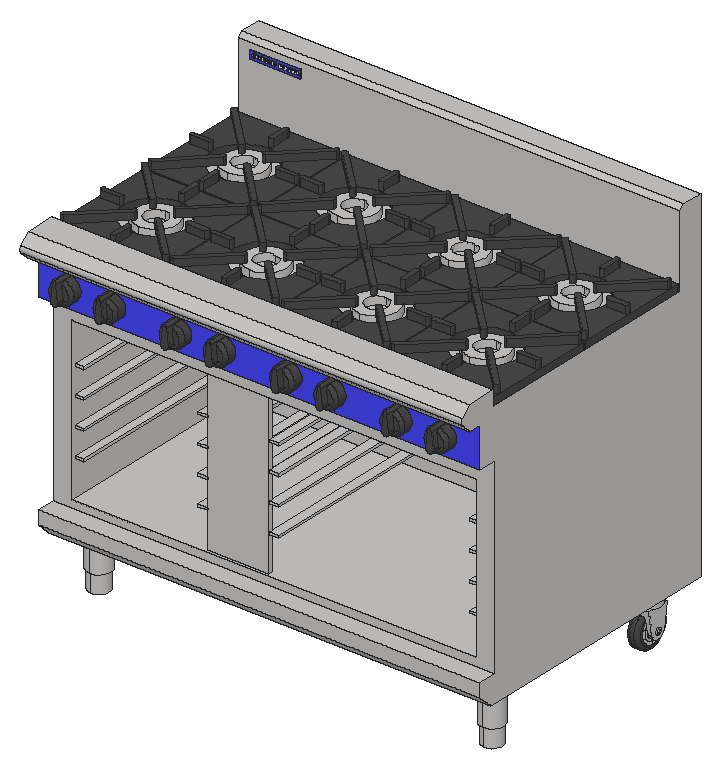
Revit family "QF_MOFFAT_BLUESEAL_CE_G518D-CB", category Specialty Equipment, Revit 2012 (continued)
Definition of nested family "GAS BURNER 1200"
  Automatic sketch dimensions
    plane 1 "BACK" to Extrusion 4 sketch curve = 0.0 mm
    plane 5 "FRONT" to Extrusion 4 sketch curve = 0.0 mm
    Extrusion 4 sketch curve to plane 7 "Center Y" = 1.0 mm  (x2)
    plane 1 "BACK" to Extrusion 4 sketch curve = 3.0 mm  (x2)
    plane 8 "Center X" to Extrusion 4 sketch curve = 149.0 mm
    plane 8 "Center X" to Extrusion 4 sketch curve = 2.0 mm  (x2)
    Extrusion 4 sketch curve to plane 8 "Center X" = 1.0 mm
    Extrusion 4 sketch curve to Extrusion 4 sketch curve = 3.0 mm  (x3)
    Extrusion 4 sketch curve to plane 8 "Center X" = 151.0 mm
    Extrusion 4 sketch curve to plane 5 "FRONT" = 3.0 mm  (x2)
    Extrusion 4 sketch curve to plane 7 "Center Y" = 149.991 mm  (x2)
    Extrusion 4 sketch curve to Extrusion 4 sketch curve = 146.009 mm  (x2)
    Extrusion 5 sketch curve to Extrusion 4 = 22.602 mm  (x2)
    Extrusion 5 sketch curve to Extrusion 4 = 25.398 mm  (x2)
    Extrusion 5 sketch curve to Extrusion 5 sketch curve = 4.525 mm  (x16)
    Extrusion 5 sketch curve to Extrusion 5 sketch curve = 49.204 mm  (x4)
    Extrusion 5 sketch curve to Extrusion 5 sketch curve = 55.923 mm  (x5)
    Extrusion 5 sketch curve to Extrusion 5 sketch curve = 0.0 mm  (x6)
    Extrusion 5 sketch curve to Extrusion 5 sketch curve = 20.524 mm  (x7)
    Extrusion 5 sketch curve to Extrusion 5 sketch curve = 6.4 mm  (x8)
    Extrusion 5 sketch curve to Extrusion 5 sketch curve = 53.847 mm  (x8)
    Extrusion 5 sketch curve to Extrusion 4 = 56.602 mm
    Extrusion 5 sketch curve to Extrusion 4 = 5.102 mm  (x6)
    Extrusion 5 sketch curve to Extrusion 4 = 13.653 mm  (x2)
    Extrusion 5 sketch curve to Extrusion 4 = 7.398 mm  (x2)
    Extrusion 5 sketch curve to Extrusion 4 = 4.602 mm  (x2)
    Extrusion 5 sketch curve to Extrusion 4 = 7.898 mm  (x4)
    Extrusion 5 sketch curve to Extrusion 4 = 31.653 mm  (x2)
    Extrusion 5 sketch curve to Extrusion 4 = 57.102 mm  (x2)
    Extrusion 5 sketch curve to Extrusion 4 = 14.153 mm
    Extrusion 6 sketch curve to Extrusion 6 sketch curve = 0.0 mm  (x24)
    plane 1 "BACK" to Extrusion 6 sketch curve = 109.5 mm
    Extrusion 6 sketch curve to Extrusion 6 sketch curve = 27.0 mm  (x2)
    Extrusion 6 sketch curve to Extrusion 6 sketch curve = 30.0 mm  (x2)
    Extrusion 6 sketch curve to plane 8 "Center X" = 92.0 mm
    Extrusion 6 sketch curve to plane 7 "Center Y" = 150.0 mm  (x2)
    Extrusion 7 sketch curve to Extrusion 1 = 22.602 mm  (x2)
    Extrusion 7 sketch curve to Extrusion 1 = 25.398 mm  (x2)
    Extrusion 7 sketch curve to Extrusion 7 sketch curve = 4.525 mm  (x16)
    Extrusion 7 sketch curve to Extrusion 7 sketch curve = 49.204 mm  (x6)
    Extrusion 7 sketch curve to Extrusion 7 sketch curve = 55.923 mm  (x7)
    Extrusion 7 sketch curve to Extrusion 7 sketch curve = 0.0 mm  (x7)
    Extrusion 7 sketch curve to Extrusion 7 sketch curve = 20.524 mm  (x7)
    Extrusion 7 sketch curve to Extrusion 7 sketch curve = 6.4 mm  (x8)
    Extrusion 7 sketch curve to Extrusion 7 sketch curve = 53.847 mm  (x8)
    Extrusion 7 sketch curve to Extrusion 1 = 56.602 mm
    Extrusion 7 sketch curve to Extrusion 1 = 13.653 mm  (x2)
    Extrusion 7 sketch curve to Extrusion 1 = 7.398 mm  (x2)
    Extrusion 7 sketch curve to Extrusion 1 = 4.602 mm  (x2)
    Extrusion 7 sketch curve to Extrusion 1 = 31.653 mm  (x2)
    Extrusion 1 to Extrusion 7 sketch curve = 308.102 mm
    Extrusion 7 sketch curve to Extrusion 7 sketch curve = 9.051 mm  (x2)
    Extrusion 7 sketch curve to Extrusion 7 sketch curve = 2.796 mm  (x2)
    Extrusion 7 sketch curve to Extrusion 7 sketch curve = 128.447 mm  (x3)
    Extrusion 8 sketch curve to Extrusion 8 sketch curve = 0.0 mm  (x24)
    plane 1 "BACK" to Extrusion 8 sketch curve = 109.5 mm
    Extrusion 8 sketch curve to Extrusion 8 sketch curve = 27.0 mm  (x2)
    Extrusion 8 sketch curve to Extrusion 8 sketch curve = 30.0 mm  (x2)
    Extrusion 8 sketch curve to plane 8 "Center X" = 92.0 mm
    plane 7 "Center Y" to Extrusion 8 sketch curve = 151.0 mm  (x2)
    plane 1 "BACK" to Extrusion 9 sketch curve = 0.0 mm
    plane 5 "FRONT" to Extrusion 9 sketch curve = 0.0 mm
    plane 1 "BACK" to Extrusion 9 sketch curve = 3.0 mm  (x2)
    plane 8 "Center X" to Extrusion 9 sketch curve = 149.0 mm
    plane 8 "Center X" to Extrusion 9 sketch curve = 2.0 mm  (x2)
    Extrusion 9 sketch curve to plane 8 "Center X" = 1.0 mm
    Extrusion 9 sketch curve to Extrusion 9 sketch curve = 3.0 mm  (x3)
    Extrusion 9 sketch curve to plane 8 "Center X" = 151.0 mm
    plane 7 "Center Y" to Extrusion 9 sketch curve = 2.0 mm  (x2)
    Extrusion 9 sketch curve to plane 5 "FRONT" = 3.0 mm  (x2)
    plane 7 "Center Y" to Extrusion 9 sketch curve = 151.009 mm  (x2)
    Extrusion 9 sketch curve to Extrusion 9 sketch curve = 145.991 mm  (x2)
    Extrusion 10 sketch curve to Extrusion 10 sketch curve = 0.0 mm  (x24)
    plane 1 "BACK" to Extrusion 10 sketch curve = 109.5 mm
    Extrusion 10 sketch curve to Extrusion 10 sketch curve = 27.0 mm  (x2)
    Extrusion 10 sketch curve to Extrusion 10 sketch curve = 30.0 mm  (x2)
    Extrusion 10 sketch curve to plane 8 "Center X" = 92.0 mm
    plane 7 "Center Y" to Extrusion 10 sketch curve = 151.0 mm  (x2)
    plane 1 "BACK" to Extrusion 11 sketch curve = 0.0 mm
    plane 5 "FRONT" to Extrusion 11 sketch curve = 0.0 mm
    plane 4 "RIGHT" to Extrusion 11 sketch curve = 1.0 mm  (x2)
    plane 1 "BACK" to Extrusion 11 sketch curve = 3.0 mm  (x2)
    plane 8 "Center X" to Extrusion 11 sketch curve = 149.0 mm
    plane 8 "Center X" to Extrusion 11 sketch curve = 2.0 mm  (x2)
    Extrusion 11 sketch curve to plane 8 "Center X" = 1.0 mm
    Extrusion 11 sketch curve to Extrusion 11 sketch curve = 3.0 mm  (x3)
    Extrusion 11 sketch curve to plane 8 "Center X" = 151.0 mm
    Extrusion 11 sketch curve to plane 5 "FRONT" = 3.0 mm  (x2)
    plane 4 "RIGHT" to Extrusion 11 sketch curve = 149.991 mm  (x2)
    Extrusion 11 sketch curve to Extrusion 11 sketch curve = 146.009 mm  (x2)
    Extrusion 12 sketch curve to Extrusion 11 = 22.602 mm  (x2)
    Extrusion 12 sketch curve to Extrusion 11 = 25.398 mm  (x2)
    Extrusion 12 sketch curve to Extrusion 12 sketch curve = 4.525 mm  (x16)
    Extrusion 12 sketch curve to Extrusion 12 sketch curve = 49.204 mm  (x4)
    Extrusion 12 sketch curve to Extrusion 12 sketch curve = 55.923 mm  (x5)
    Extrusion 12 sketch curve to Extrusion 12 sketch curve = 0.0 mm  (x6)
    Extrusion 12 sketch curve to Extrusion 12 sketch curve = 20.524 mm  (x7)
    Extrusion 12 sketch curve to Extrusion 12 sketch curve = 6.4 mm  (x8)
    Extrusion 12 sketch curve to Extrusion 12 sketch curve = 53.847 mm  (x8)
    Extrusion 12 sketch curve to Extrusion 11 = 56.602 mm
    Extrusion 12 sketch curve to Extrusion 11 = 5.102 mm  (x6)
    Extrusion 12 sketch curve to Extrusion 11 = 13.653 mm  (x2)
    Extrusion 12 sketch curve to Extrusion 11 = 7.398 mm  (x2)
    Extrusion 12 sketch curve to Extrusion 11 = 4.602 mm  (x2)
    Extrusion 12 sketch curve to Extrusion 11 = 7.898 mm  (x4)
    Extrusion 12 sketch curve to Extrusion 11 = 31.653 mm  (x2)
    Extrusion 12 sketch curve to Extrusion 11 = 57.102 mm  (x2)
    Extrusion 12 sketch curve to Extrusion 11 = 14.153 mm
    Extrusion 13 sketch curve to Extrusion 13 sketch curve = 0.0 mm  (x24)
    plane 1 "BACK" to Extrusion 13 sketch curve = 109.5 mm
    Extrusion 13 sketch curve to Extrusion 13 sketch curve = 27.0 mm  (x2)
    Extrusion 13 sketch curve to Extrusion 13 sketch curve = 30.0 mm  (x2)
    Extrusion 13 sketch curve to plane 8 "Center X" = 92.0 mm
    plane 4 "RIGHT" to Extrusion 13 sketch curve = 150.0 mm  (x2)
    radius of Extrusion 1 sketch curve = 84.082 mm  (x2)
    radius of Extrusion 4 sketch curve = 84.082 mm  (x2)
    radius of Extrusion 9 sketch curve = 84.082 mm  (x2)
    radius of Extrusion 11 sketch curve = 84.082 mm  (x2)
